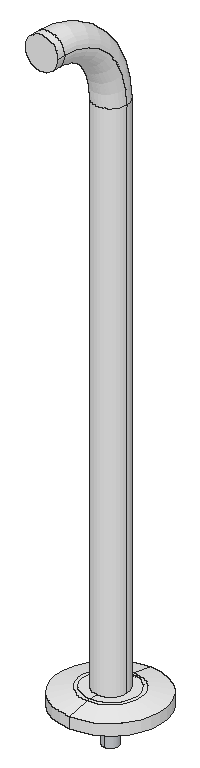
Revit family "Grohe_PlumbingFixture_Tempesta_ShowerArm400mm_27851000a", category Plumbing Fixtures, host Face, Revit 2018
Family settings
  Host = Face
  Round Connector Dimension = Use Diameter
  Part Type = Normal
  OmniClass Number = 23.65.00.00
  OmniClass Title = Supply and Distribution of Liquids and Gases
  Cut with Voids When Loaded = No
  Shared = No
  Room Calculation Point = No
Parameters (values of type "27851000")
  _ObjectUserGuide = "www.bimstore.co"
  _DistributedBy = "www.bimstore.co"
  _CurrentRevision = 1
  _CreatedBy = "www.bimstore.co"
  _BimSpecGuid = 0
  _BSBibleVersion = 16
  _AuthorizedBy = "bimstore"
  _Author = "RL"
  WarrantyStartDate [instance] = "Please record on commissioning."
  WarrantyGuarantorParts = "info-uk@grohe.com"
  WarrantyGuarantorLabor = "info-uk@grohe.com"
  WarrantyDurationUnit = "Years"
  WarrantyDurationParts = "0"
  WarrantyDurationLabor = "0"
  WarrantyDescription = "n/a"
  URL = "www.grohe.com"
  TypeName = "Tempesta - Shower arm 400 mm"
  Type Comments = "Shower arm 400 mm"
  SpareParts = "info-uk@grohe.com"
  Size = "n/a"
  Shape = "n/a"
  SerialNumber [instance] = "Please record on commissioning."
  ReplacementCost = "n/a"
  ReferencedStandard = "n/a"
  ProductionYear = "2020"
  ProductPageURL = "https://www.grohe-gcc.com/en_sa/tempesta-shower-arm-400-mm-27851000.html"
  ProductDocumentationLink = "n/a"
  PercentageOfRecycledContent = "n/a"
  NominalLength = 0 mm
  NominalHeight = 0 mm
  NominalDepth = 0 mm
  NBSReference = "n/a"
  NBSOfficeMasterTag = "n/a"
  NBSObjectName = "n/a"
  NBSNote = ""
  NBSDescription = "n/a"
  ModelReference = "Tempesta - Shower arm 400 mm"
  ModelNumber = "27851000"
  Model = "Tempesta"
  Material = "n/a"
  MasterformatTitle = "Sanitary Facilities"
  MasterformatNumber = "01 52 19"
  ManufacturerName = "Grohe"
  Manufacturer = "Grohe"
  LowEmittingMaterial = no
  LEEDCredit = "n/a"
  Keynote = "N13"
  InstallationDate [instance] = "Please record on commissioning."
  IndustryStandards = "n/a"
  IfcExportType = "IfcPipeFittingType"
  IfcExportAs = "IfcPipeFitting"
  HotWaterConnectionDiameter = 10 mm
  HWFU = 4.5
  Grade = "n/a"
  Finish = "n/a"
  Features = "material: metal\r\nprojection 400 mm\r\nconnection thread 1/2\""
  FaucetMaterial = Grohe-Chrome
  ExpectedLife = 0
  Ecojoy = no
  DurationUnit = "Years"
  DocumentationTechnical = "www.grohe.co.uk/"
  DocumentationMaintenance = "www.grohe.co.uk/"
  DocumentationLiterature = "www.grohe.co.uk/"
  DocumentationInstallationGuide = "www.grohe.co.uk/"
  DocumentationCertificates = "www.grohe.co.uk/"
  Description = "n/a"
  Default Elevation = 0 mm
  CreatedOn = "2020-03-01T09:00:00"
  CreatedBy = "info-uk@grohe.com"
  Cost = 0
  ContactGrohe = "info-uk@grohe.com"
  Constituents = "n/a"
  Color = "Chrome"
  ColdWaterConnectionDiameter = 10 mm
  CodePerformance = "n/a"
  ClassificationValue = "n/a"
  ClassificationName = "Uniclass 2015"
  CWFU = 0
  BarCode [instance] = "Please record on commissioning."
  BIMObjectName = "Grohe_PlumbingFixture_Tempesta_ShowerArm400mm_27851000"
  AssetType = "Fixed"
  AssetIdentifier [instance] = "Please record on commissioning."
  Assembly Code = "D2010"
  AccessibilityPerformance = "n/a"
  ADACompliant = no
Reference planes
  plane 1 "Center (Front/Back)": y = 0
  plane 2: z = 0
  plane 3 "Center (Left/Right)": x = 0
Forms (mm)
  Revolve 1, solid, material "Grohe-Chrome" <- "FaucetMaterial"
    sketch origin (0, 0, 0) x (0, 1, 0) y (0, 0, 1)
      loop
        line (0, 0) -> (32.3, 0) -> (32.3, 7)
        arc (32.3, 7) -> (25.504, 8.619) -> (18.626, 9.839) r 120
        arc (18.626, 9.839) -> (17.534, 9.96) -> (16.436, 10) r 15
        line (16.436, 10) -> (0, 10) -> (0, 0)
      axis (0, 10) -> (0, 0)
    angle from 0 to 360
  Sweep 2, solid, material "Grohe-Chrome" <- "FaucetMaterial"
    path origin (0, 0, 0) x (0, 1, 0) y (0, 0, 1)
      loop
        line (0, 10) -> (0, 346.972)
        arc (0, 346.972) -> (-14.645, 382.328) -> (-50, 396.972) r 50
        line (-50, 396.972) -> (-55, 396.972)
    profile origin (0, 0, 178.486) x (0, -1, 0) y (1, 0, 0)
      loop
        circle (0, 0) r 10.5
  Sweep 3, solid
    path in 3D
      loop
        line (0, 0, 0) -> (0, 0, -22.649)
    profile origin (0, 0, -11.324) x (0, -1, 0) y (1, 0, 0)
      loop
        circle (0, 0) r 4.75
Lines and regions (mm)
  sketch lines
    curve 1: line (0, 0, 0) -> (0, 0, -22.649)
Dimensions and locks
  aligned and locked: plane 2 to host face
  aligned and locked: level to host face
Connectors
  piping at (0, 0, -22.649), diameter 10, driven by "HWFU"
    settings: on Sweep 3, index 23, connector inside diameter 609.6 mm, connector length 0 mm, flow factor 0, pipe flow 0.0 L/s, pressure drop 0.0 Pa, fitting loss kfactor 0, connector angle 0.00°, fixture units 4.5, engagement length 0 mm, angle of deflection 0.00°, flow configuration 3, flow direction 1, fitting loss method 4, system type 19, joint type 0, gender type 0, connector reference index -1, connector utility 0, adjustable connector no, is connector primary yes, connector description ""
